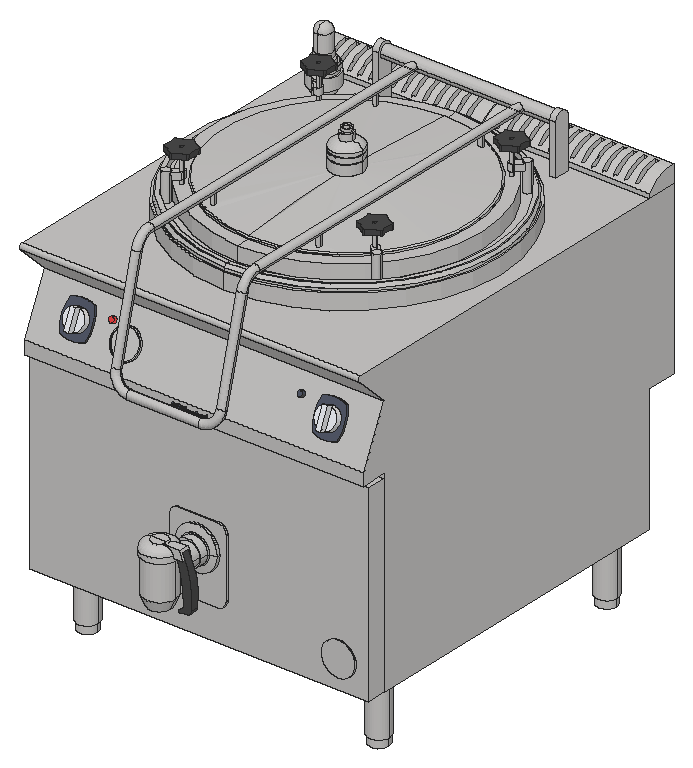
Revit family "QF_ELECTROLUXPROFESSIONAL_391616_E9NNETBAMEC", category Attrezzature speciali, Revit 2018 (continued)
Automatic sketch dimensions
  curve 166 to curve 177 = 0 mm
  curve 262 to curve 171 = 4.166 mm
  curve 170 to curve 171 = 0 mm
  curve 243 to curve 223 = 4.166 mm
  curve 212 to curve 223 = 0 mm
  curve 224 to curve 225 = 4 mm
  curve 171 to curve 171 = 2.031 mm  (x2)
  curve 177 to curve 177 = 2.063 mm
  curve 178 to curve 179 = 4 mm
  curve 217 to curve 217 = 2.063 mm  (x2)
  curve 212 to curve 223 = 2.031 mm
  curve 223 to curve 223 = 2.031 mm
  curve 172 to curve 171 = 0 mm
  curve 222 to curve 223 = 0 mm
  curve 177 to curve 176 = 2.063 mm
  curve 177 to curve 176 = 0 mm
  curve 218 to curve 217 = 0 mm
  curve 218 to curve 259 = 2.209 mm
  curve 176 to curve 259 = 2.209 mm
  plane 1 "BACK" to curve 91 = 6.761 mm
  curve 91 to plane 19 = 15.43 mm
  curve 180 to plane 19 = 8.37 mm
  curve 226 to plane 19 = 8.171 mm
  curve 93 to plane 19 = 6.135 mm
  plane 19 to curve 173 = 6.011 mm
  plane 19 to curve 219 = 6.011 mm
  plane 19 to curve 221 = 6.011 mm
  plane 19 to curve 175 = 6.011 mm
  curve 221 to curve 222 = 0.873 mm
  curve 219 to curve 218 = 0.873 mm
  curve 173 to curve 173 = 0.873 mm
  curve 175 to curve 176 = 0.873 mm
  curve 175 to curve 176 = 0 mm
  curve 219 to curve 218 = 0 mm
  curve 172 to curve 173 = 0 mm
  curve 221 to curve 222 = 0 mm
  curve 175 to curve 260 = 2.012 mm
  curve 219 to curve 260 = 2.012 mm
  curve 173 to curve 180 = 1.788 mm
  curve 222 to curve 226 = 1.895 mm
  curve 226 to curve 221 = 0.155 mm
  curve 220 to curve 221 = 0 mm
  curve 180 to curve 173 = 0.261 mm
  curve 174 to curve 173 = 0 mm
  curve 175 to curve 174 = 2.922 mm
  curve 219 to curve 220 = 2.922 mm
  curve 219 to curve 220 = 0 mm
  curve 175 to curve 174 = 0 mm
  plane 19 to curve 89 = 10.058 mm
  curve 88 to curve 87 = 9.296 mm
  plane 19 to curve 172 = 25.788 mm
  plane 19 to curve 222 = 25.788 mm
  curve 87 to curve 82 = 16.193 mm
  curve 82 to curve 85 = 9.296 mm
  plane 1 "BACK" to curve 78 = 6.761 mm
  curve 84 to curve 78 = 16.193 mm
  curve 80 to curve 80 = 9.296 mm
  curve 74 to plane 16 = 6.513 mm
  plane 14 to curve 74 = 0.809 mm
  curve 73 to plane 15 = 15.001 mm
  curve 72 to curve 72 = 9.296 mm
  plane 4 "RIGHT" to curve 2 = 50 mm
  curve 164 to curve 165 = 19.044 mm
  curve 162 to curve 155 = 1.575 mm
  curve 159 to curve 158 = 1.575 mm
  curve 252 to curve 228 = 9.913 mm
  curve 253 to curve 254 = 8.924 mm
  curve 251 to plane 12 = 3.273 mm
  curve 246 to plane 12 = 3.273 mm
  plane 12 to curve 245 = 7.418 mm
  plane 12 to curve 255 = 14.168 mm
  curve 250 to curve 249 = 9.667 mm
  curve 245 to curve 244 = 9.667 mm
  curve 230 to curve 248 = 8.036 mm
  curve 255 to curve 262 = 8.036 mm
  curve 230 to curve 256 = 32.108 mm
  curve 172 to curve 262 = 51.031 mm
  curve 195 to curve 193 = 25.162 mm
  curve 180 to curve 178 = 25.162 mm
  curve 264 to curve 185 = 4.689 mm
  curve 197 to curve 257 = 6.038 mm
  curve 225 to curve 226 = 20.194 mm
  curve 257 to curve 241 = 9.125 mm
  curve 258 to curve 240 = 8.036 mm
  curve 127 to curve 127 = 35 mm
  curve 127 to curve 129 = 5 mm
  curve 129 to curve 134 = 5 mm
  curve 239 to curve 238 = 9.454 mm
  plane 20 to curve 143 = 9.515 mm
  curve 146 to curve 147 = 30 mm
  curve 147 to curve 144 = 2.394 mm
  curve 147 to curve 148 = 2.394 mm
  plane 20 to curve 8 = 57.15 mm
  curve 237 to curve 58 = 50.222 mm
  curve 155 to curve 111 = 50.222 mm
  curve 142 to curve 91 = 17.828 mm
  curve 111 to curve 109 = 0 mm
  curve 148 to curve 48 = 17.828 mm
  curve 8 to curve 15 = 4.965 mm
  curve 16 to curve 18 = 0 mm
  curve 235 to curve 125 = 50.222 mm
  curve 148 to curve 45 = 17.828 mm
  curve 41 to curve 42 = 0 mm
  curve 18 to curve 23 = 0 mm
  curve 32 to curve 39 = 0 mm
  curve 58 to curve 63 = 0 mm
  curve 64 to curve 66 = 0 mm
  curve 95 to curve 90 = 0 mm
  curve 90 to curve 89 = 0 mm
  curve 98 to curve 96 = 0 mm
  curve 26 to curve 31 = 0 mm
  curve 32 to curve 37 = 0 mm
  curve 57 to curve 58 = 0 mm
  curve 114 to curve 112 = 0 mm
  curve 106 to curve 105 = 0 mm
  curve 50 to curve 55 = 0 mm
  curve 119 to curve 114 = 0 mm
  curve 87 to curve 79 = 0.974 mm
  curve 87 to curve 83 = 0.974 mm
  curve 79 to curve 77 = 0 mm
  curve 74 to curve 73 = 0 mm
  plane 1 "BACK" to curve 73 = 6.761 mm
  plane 1 "BACK" to curve 75 = 6.761 mm
  plane 1 "BACK" to curve 83 = 6.761 mm
  plane 1 "BACK" to curve 86 = 6.761 mm
  plane 1 "BACK" to curve 99 = 6.761 mm
  plane 1 "BACK" to curve 65 = 6.761 mm
  plane 1 "BACK" to curve 102 = 6.761 mm
  plane 1 "BACK" to curve 57 = 6.761 mm
  plane 1 "BACK" to curve 53 = 6.761 mm
  plane 1 "BACK" to curve 123 = 6.761 mm
  plane 1 "BACK" to curve 31 = 6.761 mm
  plane 1 "BACK" to curve 49 = 6.761 mm
  plane 1 "BACK" to curve 19 = 6.761 mm
  plane 1 "BACK" to curve 41 = 6.761 mm
  plane 1 "BACK" to curve 35 = 6.761 mm
  curve 2 to plane 1 "BACK" = 50 mm
  Extrusion 8 sketch curve to Extrusion 5 = 66.87 mm
  Extrusion 8 sketch curve to Extrusion 5 = 126.87 mm
  Extrusion 5 to Extrusion 8 sketch curve = 70.027 mm
  Extrusion 5 to Extrusion 8 sketch curve = 284.973 mm
  Extrusion 23 sketch curve to Extrusion 5 = 47 mm  (x2)
  plane 5 "FRONT" to Extrusion 24 sketch curve = 0 mm  (x2)
  Extrusion 24 sketch curve to plane 3 "LEFT" = 0 mm
  plane 1 "BACK" to Extrusion 24 sketch curve = 0 mm
  Extrusion 24 sketch curve to plane 4 "RIGHT" = 0 mm
  Extrusion 24 sketch curve to plane 3 "LEFT" = 50 mm
  plane 4 "RIGHT" to Extrusion 24 sketch curve = 50 mm
  Extrusion 24 sketch curve to plane 1 "BACK" = 50 mm
  Extrusion 38 sketch curve to Extrusion 5 = 29 mm
  plane 8 "Center X" to Revolve 40 sketch curve = 88.898 mm
  Revolve 40 sketch curve to plane 11 = 146.808 mm
  Revolve 40 sketch curve to Revolve 40 sketch curve = 5 mm
  Revolve 40 sketch curve to Revolve 40 sketch curve = 4.913 mm
  Revolve 40 sketch curve to Revolve 40 sketch curve = 13.837 mm
  Revolve 40 sketch curve to Revolve 40 sketch curve = 24.332 mm
  Revolve 40 sketch curve to Revolve 40 sketch curve = 29.332 mm
  Revolve 40 sketch curve to Revolve 40 sketch curve = 2.777 mm  (x2)
  Revolve 40 sketch curve to Revolve 40 sketch curve = 288.723 mm
  Revolve 40 sketch curve to Revolve 40 sketch curve = 0 mm
  Revolve 40 sketch curve to Revolve 40 sketch curve = 2509.206 mm
  Revolve 40 sketch curve to Revolve 40 sketch curve = 37.198 mm
  Revolve 40 sketch curve to Revolve 40 sketch curve = 1.927 mm
  Revolve 40 sketch curve to Revolve 40 sketch curve = 40.825 mm
  Revolve 40 sketch curve to Revolve 40 sketch curve = 5.725 mm
  Revolve 40 sketch curve to Revolve 40 sketch curve = 8.509 mm
  Revolve 40 sketch curve to Revolve 40 sketch curve = 1.804 mm
  Revolve 40 sketch curve to Revolve 40 sketch curve = 35.657 mm
  Revolve 40 sketch curve to Revolve 40 sketch curve = 3.37 mm
  Revolve 40 sketch curve to Revolve 40 sketch curve = 6.257 mm
  Extrusion 41 sketch curve to plane 18 = 124.074 mm  (x2)
  Extrusion 41 sketch curve to plane 19 = 124.074 mm  (x2)
  Extrusion 41 sketch curve to Extrusion 41 sketch curve = 0 mm  (x2)
  Extrusion 41 sketch curve to Extrusion 41 sketch curve = 478.257 mm
  Revolve 42 sketch curve to plane 7 "Center Y" = 0 mm  (x2)
  plane 7 "Center Y" to Revolve 42 sketch curve = 6.853 mm
  plane 7 "Center Y" to Revolve 42 sketch curve = 9.619 mm
  plane 7 "Center Y" to Revolve 42 sketch curve = 10.424 mm
  Revolve 42 sketch curve to Revolve 42 sketch curve = 5 mm  (x5)
  plane 7 "Center Y" to Revolve 42 sketch curve = 26.874 mm
  Revolve 42 sketch curve to Revolve 42 sketch curve = 24.24 mm
  Revolve 42 sketch curve to Revolve 42 sketch curve = 0 mm  (x2)
  Revolve 42 sketch curve to Revolve 42 sketch curve = 2.21 mm  (x2)
  Revolve 42 sketch curve to Revolve 42 sketch curve = 10 mm
  Revolve 42 sketch curve to Revolve 42 sketch curve = 16.26 mm
  Revolve 42 sketch curve to Revolve 42 sketch curve = 22.675 mm
  Revolve 42 sketch curve to Revolve 42 sketch curve = 2.956 mm  (x2)
  Revolve 42 sketch curve to Revolve 42 sketch curve = 4.59 mm
  Revolve 42 sketch curve to Revolve 42 sketch curve = 11.003 mm
  Revolve 42 sketch curve to Revolve 42 sketch curve = 7.062 mm
  Revolve 42 sketch curve to Revolve 42 sketch curve = 13.329 mm
  Revolve 42 sketch curve to Revolve 42 sketch curve = 2.791 mm
  Sweep 44 sketch curve to profile plane = 0 mm  (x2)
  curve 155 to curve 154 = 19 mm
  curve 132 to plane 20 = 0 mm
  curve 131 to plane 13 = 19 mm
  curve 133 to curve 131 = 6.817 mm
  curve 200 to curve 257 = 0.996 mm
  radius of Extrusion 10 sketch curve = 25.4 mm  (x2)
  radius of Extrusion 11 sketch curve to Extrusion 10 = 0 mm  (x4)
  radius of Extrusion 12 sketch curve = 6.35 mm
  radius of Extrusion 13 sketch curve = 6.35 mm
  radius of Extrusion 20 sketch curve = 5 mm  (x4)
  radius of Extrusion 26 sketch curve = 15 mm
  radius of Extrusion 28 sketch curve = 35 mm
  radius of Extrusion 29 sketch curve to Extrusion 28 = 2 mm
  radius of Split face 1 sketch curve to Extrusion 29 = 30.65 mm  (x2)
  radius of Extrusion 31 sketch curve = 9.5 mm  (x4)
  radius of Extrusion 33 sketch curve = 4 mm  (x4)
  radius of Sweep 43 sketch curve = 9.5 mm
  radius of Extrusion 8 sketch curve = 40 mm
  radius of Extrusion 8 sketch curve = 20 mm
  radius of Extrusion 21 sketch curve = 6.35 mm
  radius of Extrusion 22 sketch curve = 6.35 mm
  radius of Extrusion 23 sketch curve = 9.5 mm  (x2)
  radius of Extrusion 38 sketch curve = 4 mm
  radius of Extrusion 41 sketch curve = 5 mm  (x4)
  radius of Sweep 44 sketch curve = 9.5 mm
Connectors
  electrical at (729, -721, 137)
    settings: on Extrusion 22, index 1, voltage 230 V, apparent load 20 VA, apparent load phase1 0 VA, apparent load phase2 0 VA, apparent load phase3 0 VA, power factor 1, load classification "Other", number of poles 1, system type 30, power factor state 1, is connector primary yes, connector utility no, sub classification motor no, connector description "ELECTRICAL CONNECTION"
  piping at (746, -655, 137), diameter 12.8
    settings: on Extrusion 21, index 2, connector inside diameter 0.50394", connector length 0 mm, flow factor 0, pipe flow 0 GPM, pressure drop 0.00 psi, fitting loss kfactor 0, connector angle 0.00°, fixture units 0, engagement length 0 mm, angle of deflection 0.00°, flow configuration 1, flow direction 1, fitting loss method 0, system type 7, joint type 0, gender type 0, connector reference index -1, connector utility 0, adjustable connector no, is connector primary yes, connector description "GAS CONNECTION"
  piping at (47, -646, 137), diameter 19
    settings: on Extrusion 23, index 3, connector inside diameter 0.74803", connector length 0 mm, flow factor 0, pipe flow 0 GPM, pressure drop 0.00 psi, fitting loss kfactor 0, connector angle 0.00°, fixture units 0, engagement length 0 mm, angle of deflection 0.00°, flow configuration 1, flow direction 1, fitting loss method 0, system type 19, joint type 0, gender type 0, connector reference index -1, connector utility 0, adjustable connector no, is connector primary no, connector description "HOT WATER INLET"
  piping at (47, -716, 137), diameter 19
    settings: on Extrusion 23, index 4, connector inside diameter 0.74803", connector length 0 mm, flow factor 0, pipe flow 0 GPM, pressure drop 0.00 psi, fitting loss kfactor 0, connector angle 0.00°, fixture units 0, engagement length 0 mm, angle of deflection 0.00°, flow configuration 1, flow direction 1, fitting loss method 0, system type 20, joint type 0, gender type 0, connector reference index -1, connector utility 0, adjustable connector no, is connector primary no, connector description "COLD WATER INLET"
